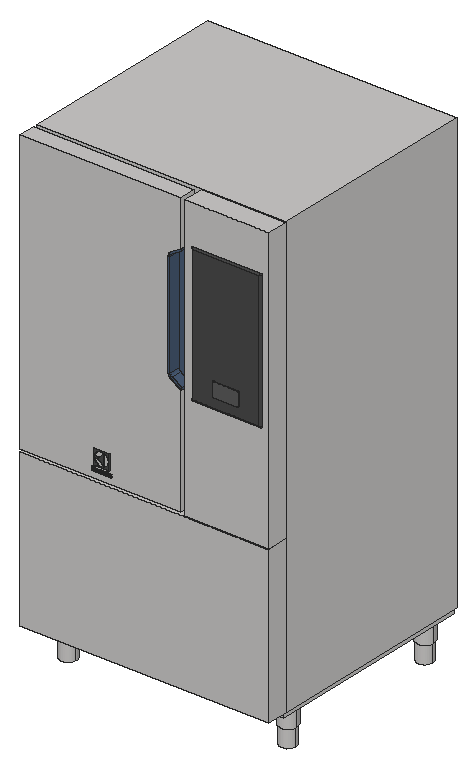
Revit family "QF_ELECTROLUXPROFESSIONAL_727736_EBFA11E", category Specialty Equipment, Revit 2018
Family settings
  Round Connector Dimension = Use Diameter
  Part Type = Normal
  Work Plane-Based = No
  Always vertical = Yes
  Cut with Voids When Loaded = No
  Shared = No
  Room Calculation Point = No
Parameters
  Weight = 0.00 kg
  Watts = 0 W
  Volts = 380 V
  URL Manufacturer = "http://professional.electrolux.com"
  URL = "http://professional.electrolux.com"
  Steam Supply Size = 0 mm
  Steam Supply Minimum Pressure = 0.0 Pa
  Steam Supply Maximum Pressure = 0.0 Pa
  Steam Pounds per Hour = 0
  Show Logo [instance] = yes
  Show Clearance [instance] = yes
  Refrigeration Suction Line Size = 0 mm
  Refrigeration Liquid Line Size = 0 mm
  Refrigerant Compressor Remote = yes
  Manufacturer = "Electrolux"
  Phase = 3
  Model = "EBFA11E"
  Length Actual = 895 mm  # constant formula
  Item Number = "727736"
  Hot Water Size = 0 mm
  Height Actual = 1731 mm  # constant formula
  HP = "5.6 HP"
  Gas Size = 0 mm
  Gas KW = 0
  Gas Input Pressure = 0 W
  Direct Waste Size = 139.7 mm
  Description = "SKYLINE CHILLS BLAST CHILLER FREEZER 50/50KG 10 GN 1/1"
  Depth Actual = 939 mm  # constant formula
  Cycle = 50 Hz
  Condensate Return Size = 0 mm
  Compressed Air Volume = 0.0 L/s
  Compressed Air Size = 0 mm
  Compressed Air Pressure = 0.0 Pa
  Cold Water Size = 0 mm
  Accessory = yes
Reference planes
  plane 1 "Center X": y = 126.351
  plane 2: z = 0
  plane 3 "Center Y": x = -311.5
  plane 4 "LEFT": x = -759
  plane 5 "BACK": y = 547.851
  plane 6 "RIGHT": x = 136
  plane 7 "FRONT": y = -295.149
  plane 8: z = 130
  plane 9 "TOP": z = 1731
  plane 10: x = -707
  plane 11: y = 471.851
  plane 12: x = 84
  plane 13: y = -144.149
  plane 14: y = 639.851
  plane 15: y = -834.149
Forms (mm)
  Extrusion 1, solid, material "QF_Finishes_Stainless Steel"
    sketch origin (0, 0, 1731) x (-1, 0, 0) y (0, -1, 0)
      loop
        line (759, -547.851) -> (759, 219.149) -> (-136, 219.149) -> (-136, -547.851) -> (759, -547.851)
    from 0 to -1581
  Extrusion 2, solid, material "QF_Finishes_Stainless Steel"
    sketch origin (-759, -0.954, 258.709) x (0, 1, 0) y (0, 0, 1)
      loop
        line (548.805, 694.306) -> (548.805, 392.314) -> (633.5, 399.789)
        arc (633.5, 399.789) -> (638.702, 402.354) -> (640.805, 407.759) r 8
        line (640.805, 407.759) -> (640.805, 433.233)
        arc (640.805, 433.233) -> (636.783, 442.547) -> (640.805, 451.86) r 12.795
        line (640.805, 451.86) -> (640.805, 483.24)
        arc (640.805, 483.24) -> (636.783, 492.554) -> (640.805, 501.867) r 12.795
        line (640.805, 501.867) -> (640.805, 533.247)
        arc (640.805, 533.247) -> (636.783, 542.56) -> (640.805, 551.874) r 12.795
        line (640.805, 551.874) -> (640.805, 583.254)
        arc (640.805, 583.254) -> (636.783, 592.567) -> (640.805, 601.881) r 12.795
        line (640.805, 601.881) -> (640.805, 634.796)
        arc (640.805, 634.796) -> (639.466, 639.795) -> (635.808, 643.455) r 10
        line (635.808, 643.455) -> (548.805, 694.306)
    from 618.187 to 801.865
  Extrusion 3, solid, material "QF_Finishes_Stainless Steel"
    sketch origin (-54.727, 547.851, 2066) x (1, 0, 0) y (0, 0, -1)
      loop
        circle (121.727, 1473) r 10.5
    from 0 to 29
  Extrusion 4, solid, material "QF_Finishes_Stainless Steel"
    sketch origin (-1206.916, -1524, 130) x (-1, 0, 0) y (0, -1, 0)
      loop
        line (-447.916, -1228.851) -> (-1342.916, -1228.851) -> (-1342.916, -1303.851) -> (-447.916, -1303.851) -> (-447.916, -1228.851)
    from 580 to 20.02
  Extrusion 5, solid, material "QF_Finishes_Stainless Steel"
    sketch origin (-1206.916, -1524, 130) x (-1, 0, 0) y (0, -1, 0)
      loop
        line (-456.916, -2071.851) -> (-456.916, -1306.851) -> (-1333.916, -1306.851) -> (-1333.916, -2071.851) -> (-456.916, -2071.851)
    from 20 to 0
  Extrusion 6, solid, material "QF_Finishes_Stainless Steel"
    sketch origin (-1206.916, -1524, 130) x (0, -1, 0) y (-1, 0, 0)
      loop
        circle (-1673.851, -847.916) r 9.5
    from 0 to 31.68
  Extrusion 7, void
    sketch origin (1, 0, 1731) x (-1, 0, 0) y (0, -1, 0)
      loop
        line (132.09, -639.851) -> (141.813, -639.851) -> (141.813, -547.851) -> (140.183, -547.851) -> (132.09, -639.851)
      loop
        line (-40.234, -547.851) -> (-41.865, -547.851) -> (-41.865, -639.851) -> (-32.141, -639.851) -> (-40.234, -547.851)
    from -1080 to -770
  Extrusion 8, solid, material "QF_Finishes_Stainless Steel"
    sketch origin (-623, -295.149, 0) x (1, 0, 0) y (0, 0, -1)
      loop
        line (442.2, -1731) -> (442.2, -1568.97) -> (405.947, -1544.888)
        arc (405.947, -1544.888) -> (399.716, -1538.041) -> (397.46, -1529.062) r 19
        line (397.46, -1529.062) -> (397.46, -1154.149)
        arc (397.46, -1154.149) -> (399.839, -1144.688) -> (406.41, -1137.479) r 20
        line (406.41, -1137.479) -> (442.2, -1113.756) -> (442.2, -719.524) -> (-136, -719.524) -> (-136, -1731) -> (442.2, -1731)
    from 0 to 60
  Extrusion 9, solid, material "QF_Finishes_Stainless Steel"
    sketch origin (-623, 0, 1060.038) x (1, 0, 0) y (0, 1, 0)
      loop
        line (759, -295.149) -> (759, -220.149) -> (457, -220.149) -> (457, -295.149) -> (759, -295.149)
    from 670.962 to -349
  Extrusion 10, solid, material "QF_Door-Drawer Clearances", visible <- "Show Clearance", detail levels coarse
    sketch origin (-623, 0, 1060.038) x (1, 0, 0) y (0, 1, 0)
      loop
        line (-82, -295.149) -> (-82, -831.649)
        arc (-82, -831.649) -> (284.195, -665.108) -> (442.2, -295.149) r 556
        line (442.2, -295.149) -> (-82, -295.149)
    from -340.514 to 670.962
  Extrusion 11, solid, material "QF_Finishes_Stainless Steel"
    sketch origin (-632, -235.149, 600.072) x (1, 0, 0) y (0, 0, -1)
      loop
        line (406.46, -554.076) -> (406.46, -928.989)
        arc (406.46, -928.989) -> (408.716, -937.969) -> (414.947, -944.816) r 19
        line (414.947, -944.816) -> (451.2, -968.898) -> (451.2, -513.683) -> (415.41, -537.406)
        arc (415.41, -537.406) -> (408.839, -544.616) -> (406.46, -554.076) r 20
    from -21 to 0
  Extrusion 12, solid, material "QF_Finishes_Electrolux_Blue"
    sketch origin (-632, -295.149, 600.072) x (-1, 0, 0) y (0, 0, -1)
      loop
        line (-451.2, -968.898) -> (-414.947, -944.816)
        arc (-414.947, -944.816) -> (-408.716, -937.969) -> (-406.46, -928.989) r 19
        line (-406.46, -928.989) -> (-406.46, -554.076)
        arc (-406.46, -554.076) -> (-408.839, -544.616) -> (-415.41, -537.406) r 20
        line (-415.41, -537.406) -> (-451.2, -513.683) -> (-453.7, -513.683) -> (-453.7, -519.824) -> (-419.001, -542.824)
        arc (-419.001, -542.824) -> (-414.566, -547.691) -> (-412.96, -554.076) r 13.5
        line (-412.96, -554.076) -> (-412.96, -928.989)
        arc (-412.96, -928.989) -> (-414.444, -934.897) -> (-418.543, -939.401) r 12.5
        line (-418.543, -939.401) -> (-453.7, -962.755) -> (-453.7, -968.898) -> (-451.2, -968.898)
    from -39 to 1
  Extrusion 13, void
    sketch origin (136, -219.149, 1731) x (1, 0, 0) y (0, 0, -1)
      loop
        line (-366.8, 60) -> (-366.8, 962) -> (-834, 962) -> (-834, 60) -> (-366.8, 60)
    from 0 to 705
  Extrusion 14, solid, material "QF_Door-Drawer Clearances", visible <- "Show Clearance", detail levels coarse
    sketch origin (-765, -389.449, 0) x (0, -1, 0) y (0, 0, -1)
      loop
        line (442.2, -1731) -> (442.2, -1568.97) -> (405.947, -1544.888)
        arc (405.947, -1544.888) -> (399.716, -1538.041) -> (397.46, -1529.062) r 19
        line (397.46, -1529.062) -> (397.46, -1154.149)
        arc (397.46, -1154.149) -> (399.839, -1144.688) -> (406.41, -1137.479) r 20
        line (406.41, -1137.479) -> (442.2, -1113.756) -> (442.2, -719.524) -> (-94.3, -719.524) -> (-94.3, -1731) -> (442.2, -1731)
    from 0 to 60
  Extrusion 15, solid, material "QF_Door-Drawer Clearances", visible <- "Show Clearance", detail levels coarse
    sketch origin (-705, -380.449, 600.072) x (0, -1, 0) y (0, 0, -1)
      loop
        line (406.46, -554.076) -> (406.46, -928.989)
        arc (406.46, -928.989) -> (408.716, -937.969) -> (414.947, -944.816) r 19
        line (414.947, -944.816) -> (451.2, -968.898) -> (451.2, -513.683) -> (415.41, -537.406)
        arc (415.41, -537.406) -> (408.839, -544.616) -> (406.46, -554.076) r 20
    from -21 to 0
  Extrusion 16, solid, material "QF_Door-Drawer Clearances", visible <- "Show Clearance", detail levels coarse
    sketch origin (-765, -380.449, 600.072) x (0, 1, 0) y (0, 0, -1)
      loop
        line (-451.2, -968.898) -> (-414.947, -944.816)
        arc (-414.947, -944.816) -> (-408.716, -937.969) -> (-406.46, -928.989) r 19
        line (-406.46, -928.989) -> (-406.46, -554.076)
        arc (-406.46, -554.076) -> (-408.839, -544.616) -> (-415.41, -537.406) r 20
        line (-415.41, -537.406) -> (-451.2, -513.683) -> (-453.7, -513.683) -> (-453.7, -519.824) -> (-419.001, -542.824)
        arc (-419.001, -542.824) -> (-414.566, -547.691) -> (-412.96, -554.076) r 13.5
        line (-412.96, -554.076) -> (-412.96, -928.989)
        arc (-412.96, -928.989) -> (-414.444, -934.897) -> (-418.543, -939.401) r 12.5
        line (-418.543, -939.401) -> (-453.7, -962.755) -> (-453.7, -968.898) -> (-451.2, -968.898)
    from -39 to 1
Cuts and joins
  Extrusion 13 cuts Extrusion 1
  Extrusion 7, Extrusion 13 cuts Extrusion 2
  Extrusion 13 cuts Extrusion 3
  Extrusion 13 cuts Extrusion 5
  Extrusion 13 cuts Extrusion 6
  joined: Extrusion 1, Extrusion 2, Extrusion 3, Extrusion 5, Extrusion 6
  joined: Extrusion 10, Extrusion 14, Extrusion 15, Extrusion 16
Lines and regions (mm)
  Split face 1
    outline origin (594.146, -295.149, -365.12) x (-1, 0, 0) y (0, 0, -1)
      loop
        line (490.638, -548.639) -> (600.654, -548.639) -> (600.654, -543.665) -> (490.638, -543.665) -> (490.638, -548.639)
  Split face 2
    outline origin (594.146, -295.149, -355.62) x (-1, 0, 0) y (0, 0, -1)
      loop
        line (490.638, -548.639) -> (600.654, -548.639) -> (600.654, -543.665) -> (490.638, -543.665) -> (490.638, -548.639)
  Split face 3
    outline origin (594.146, -295.149, -346.12) x (-1, 0, 0) y (0, 0, -1)
      loop
        line (490.638, -548.639) -> (600.654, -548.639) -> (600.654, -543.665) -> (490.638, -543.665) -> (490.638, -548.639)
  Split face 4
    outline origin (594.146, -295.149, -336.62) x (-1, 0, 0) y (0, 0, -1)
      loop
        line (490.638, -548.639) -> (600.654, -548.639) -> (600.654, -543.665) -> (490.638, -543.665) -> (490.638, -548.639)
  Split face 5
    outline origin (594.146, -295.149, -327.12) x (-1, 0, 0) y (0, 0, -1)
      loop
        line (490.638, -548.639) -> (600.654, -548.639) -> (600.654, -543.665) -> (490.638, -543.665) -> (490.638, -548.639)
  Split face 6
    outline origin (594.146, -295.149, -317.619) x (-1, 0, 0) y (0, 0, -1)
      loop
        line (490.638, -548.639) -> (600.654, -548.639) -> (600.654, -543.665) -> (490.638, -543.665) -> (490.638, -548.639)
  Split face 7
    outline origin (594.146, -295.149, -308.119) x (-1, 0, 0) y (0, 0, -1)
      loop
        line (490.638, -548.639) -> (600.654, -548.639) -> (600.654, -543.665) -> (490.638, -543.665) -> (490.638, -548.639)
  Split face 8
    outline origin (594.146, -295.149, -298.619) x (-1, 0, 0) y (0, 0, -1)
      loop
        line (490.638, -548.639) -> (600.654, -548.639) -> (600.654, -543.665) -> (490.638, -543.665) -> (490.638, -548.639)
  Split face 9
    outline origin (594.146, -295.149, -289.119) x (-1, 0, 0) y (0, 0, -1)
      loop
        line (490.638, -548.639) -> (600.654, -548.639) -> (600.654, -543.665) -> (490.638, -543.665) -> (490.638, -548.639)
  Split face 10
    outline origin (594.146, -295.149, -279.619) x (-1, 0, 0) y (0, 0, -1)
      loop
        line (490.638, -548.639) -> (600.654, -548.639) -> (600.654, -543.665) -> (490.638, -543.665) -> (490.638, -548.639)
  Split face 11
    outline origin (594.146, -295.149, -270.119) x (-1, 0, 0) y (0, 0, -1)
      loop
        line (490.638, -548.639) -> (600.654, -548.639) -> (600.654, -543.665) -> (490.638, -543.665) -> (490.638, -548.639)
  Split face 12
    outline origin (594.146, -295.149, -260.619) x (-1, 0, 0) y (0, 0, -1)
      loop
        line (490.638, -548.639) -> (600.654, -548.639) -> (600.654, -543.665) -> (490.638, -543.665) -> (490.638, -548.639)
  Split face 13
    outline origin (594.146, -295.149, -251.119) x (-1, 0, 0) y (0, 0, -1)
      loop
        line (490.638, -548.639) -> (600.654, -548.639) -> (600.654, -543.665) -> (490.638, -543.665) -> (490.638, -548.639)
  Split face 14
    outline origin (594.146, -295.149, -241.619) x (-1, 0, 0) y (0, 0, -1)
      loop
        line (490.638, -548.639) -> (600.654, -548.639) -> (600.654, -543.665) -> (490.638, -543.665) -> (490.638, -548.639)
  Split face 15
    outline origin (594.146, -295.149, -232.119) x (-1, 0, 0) y (0, 0, -1)
      loop
        line (490.638, -548.639) -> (600.654, -548.639) -> (600.654, -543.665) -> (490.638, -543.665) -> (490.638, -548.639)
  Split face 16
    outline origin (594.146, -295.149, -222.619) x (-1, 0, 0) y (0, 0, -1)
      loop
        line (490.638, -548.639) -> (600.654, -548.639) -> (600.654, -543.665) -> (490.638, -543.665) -> (490.638, -548.639)
  Split face 17
    outline origin (594.146, -295.149, -213.119) x (-1, 0, 0) y (0, 0, -1)
      loop
        line (490.638, -548.639) -> (600.654, -548.639) -> (600.654, -543.665) -> (490.638, -543.665) -> (490.638, -548.639)
  Split face 18
    outline origin (594.146, -295.149, -203.619) x (-1, 0, 0) y (0, 0, -1)
      loop
        line (490.638, -548.639) -> (600.654, -548.639) -> (600.654, -543.665) -> (490.638, -543.665) -> (490.638, -548.639)
  Split face 19
    outline origin (594.146, -295.149, -194.118) x (-1, 0, 0) y (0, 0, -1)
      loop
        line (490.638, -548.639) -> (600.654, -548.639) -> (600.654, -543.665) -> (490.638, -543.665) -> (490.638, -548.639)
  Split face 20
    outline origin (594.146, -295.149, -184.618) x (-1, 0, 0) y (0, 0, -1)
      loop
        line (490.638, -548.639) -> (600.654, -548.639) -> (600.654, -543.665) -> (490.638, -543.665) -> (490.638, -548.639)
  Split face 21
    outline origin (594.146, -295.149, -175.118) x (-1, 0, 0) y (0, 0, -1)
      loop
        line (490.638, -548.639) -> (600.654, -548.639) -> (600.654, -543.665) -> (490.638, -543.665) -> (490.638, -548.639)
  Split face 22
    outline origin (594.146, -295.149, -165.618) x (-1, 0, 0) y (0, 0, -1)
      loop
        line (490.638, -548.639) -> (600.654, -548.639) -> (600.654, -543.665) -> (490.638, -543.665) -> (490.638, -548.639)
  Split face 23
    outline origin (594.146, -295.149, -156.118) x (-1, 0, 0) y (0, 0, -1)
      loop
        line (490.638, -548.639) -> (600.654, -548.639) -> (600.654, -543.665) -> (490.638, -543.665) -> (490.638, -548.639)
  Split face 24
    outline origin (594.146, -295.149, -146.618) x (-1, 0, 0) y (0, 0, -1)
      loop
        line (490.638, -548.639) -> (600.654, -548.639) -> (600.654, -543.665) -> (490.638, -543.665) -> (490.638, -548.639)
  Split face 25
    outline origin (594.146, -295.149, -137.118) x (-1, 0, 0) y (0, 0, -1)
      loop
        line (490.638, -548.639) -> (600.654, -548.639) -> (600.654, -543.665) -> (490.638, -543.665) -> (490.638, -548.639)
  Split face 26
    outline origin (594.146, -295.149, -127.618) x (-1, 0, 0) y (0, 0, -1)
      loop
        line (490.638, -548.639) -> (600.654, -548.639) -> (600.654, -543.665) -> (490.638, -543.665) -> (490.638, -548.639)
  Split face 27
    outline origin (594.146, -295.149, -118.118) x (-1, 0, 0) y (0, 0, -1)
      loop
        line (490.638, -548.639) -> (600.654, -548.639) -> (600.654, -543.665) -> (490.638, -543.665) -> (490.638, -548.639)
  Split face 28
    outline origin (594.146, -295.149, -108.618) x (-1, 0, 0) y (0, 0, -1)
      loop
        line (490.638, -548.639) -> (600.654, -548.639) -> (600.654, -543.665) -> (490.638, -543.665) -> (490.638, -548.639)
  Split face 29
    outline origin (594.146, -295.149, -99.118) x (-1, 0, 0) y (0, 0, -1)
      loop
        line (490.638, -548.639) -> (600.654, -548.639) -> (600.654, -543.665) -> (490.638, -543.665) -> (490.638, -548.639)
  Split face 30
    outline origin (594.146, -295.149, -89.618) x (-1, 0, 0) y (0, 0, -1)
      loop
        line (490.638, -548.639) -> (600.654, -548.639) -> (600.654, -543.665) -> (490.638, -543.665) -> (490.638, -548.639)
  Split face 31
    outline origin (594.146, -295.149, -80.117) x (-1, 0, 0) y (0, 0, -1)
      loop
        line (490.638, -548.639) -> (600.654, -548.639) -> (600.654, -543.665) -> (490.638, -543.665) -> (490.638, -548.639)
  Split face 32
    outline origin (594.146, -295.149, -70.617) x (-1, 0, 0) y (0, 0, -1)
      loop
        line (490.638, -548.639) -> (600.654, -548.639) -> (600.654, -543.665) -> (490.638, -543.665) -> (490.638, -548.639)
  Split face 33
    outline origin (594.146, -295.149, -61.117) x (-1, 0, 0) y (0, 0, -1)
      loop
        line (490.638, -548.639) -> (600.654, -548.639) -> (600.654, -543.665) -> (490.638, -543.665) -> (490.638, -548.639)
  Split face 34
    outline origin (594.146, -295.149, -51.617) x (-1, 0, 0) y (0, 0, -1)
      loop
        line (490.638, -548.639) -> (600.654, -548.639) -> (600.654, -543.665) -> (490.638, -543.665) -> (490.638, -548.639)
  Split face 35
    outline origin (594.146, -295.149, -42.117) x (-1, 0, 0) y (0, 0, -1)
      loop
        line (490.638, -548.639) -> (600.654, -548.639) -> (600.654, -543.665) -> (490.638, -543.665) -> (490.638, -548.639)
  Split face 36
    outline origin (594.146, -295.149, -32.617) x (-1, 0, 0) y (0, 0, -1)
      loop
        line (490.638, -548.639) -> (600.654, -548.639) -> (600.654, -543.665) -> (490.638, -543.665) -> (490.638, -548.639)
  Split face 37
    outline origin (594.146, -295.149, -23.117) x (-1, 0, 0) y (0, 0, -1)
      loop
        line (490.638, -548.639) -> (600.654, -548.639) -> (600.654, -543.665) -> (490.638, -543.665) -> (490.638, -548.639)
  Split face 38
    outline origin (594.146, -295.149, -13.617) x (-1, 0, 0) y (0, 0, -1)
      loop
        line (490.638, -548.639) -> (600.654, -548.639) -> (600.654, -543.665) -> (490.638, -543.665) -> (490.638, -548.639)
  Split face 39
    outline origin (594.146, -295.149, -4.117) x (-1, 0, 0) y (0, 0, -1)
      loop
        line (490.638, -548.639) -> (600.654, -548.639) -> (600.654, -543.665) -> (490.638, -543.665) -> (490.638, -548.639)
  Split face 40
    outline origin (594.146, -295.149, 5.383) x (-1, 0, 0) y (0, 0, -1)
      loop
        line (490.638, -548.639) -> (600.654, -548.639) -> (600.654, -543.665) -> (490.638, -543.665) -> (490.638, -548.639)
  Split face 41
    outline origin (594.146, -295.149, 14.883) x (-1, 0, 0) y (0, 0, -1)
      loop
        line (490.638, -548.639) -> (600.654, -548.639) -> (600.654, -543.665) -> (490.638, -543.665) -> (490.638, -548.639)
  Split face 42
    outline origin (474.155, -295.149, -365.12) x (-1, 0, 0) y (0, 0, -1)
      loop
        line (490.638, -548.639) -> (600.654, -548.639) -> (600.654, -543.665) -> (490.638, -543.665) -> (490.638, -548.639)
  Split face 43
    outline origin (474.155, -295.149, -355.62) x (-1, 0, 0) y (0, 0, -1)
      loop
        line (490.638, -548.639) -> (600.654, -548.639) -> (600.654, -543.665) -> (490.638, -543.665) -> (490.638, -548.639)
  Split face 44
    outline origin (474.155, -295.149, -346.12) x (-1, 0, 0) y (0, 0, -1)
      loop
        line (490.638, -548.639) -> (600.654, -548.639) -> (600.654, -543.665) -> (490.638, -543.665) -> (490.638, -548.639)
  Split face 45
    outline origin (474.155, -295.149, -336.62) x (-1, 0, 0) y (0, 0, -1)
      loop
        line (490.638, -548.639) -> (600.654, -548.639) -> (600.654, -543.665) -> (490.638, -543.665) -> (490.638, -548.639)
  Split face 46
    outline origin (474.155, -295.149, -327.12) x (-1, 0, 0) y (0, 0, -1)
      loop
        line (490.638, -548.639) -> (600.654, -548.639) -> (600.654, -543.665) -> (490.638, -543.665) -> (490.638, -548.639)
  Split face 47
    outline origin (474.155, -295.149, -317.619) x (-1, 0, 0) y (0, 0, -1)
      loop
        line (490.638, -548.639) -> (600.654, -548.639) -> (600.654, -543.665) -> (490.638, -543.665) -> (490.638, -548.639)
  Split face 48
    outline origin (474.155, -295.149, -308.119) x (-1, 0, 0) y (0, 0, -1)
      loop
        line (490.638, -548.639) -> (600.654, -548.639) -> (600.654, -543.665) -> (490.638, -543.665) -> (490.638, -548.639)
  Split face 49
    outline origin (474.155, -295.149, -298.619) x (-1, 0, 0) y (0, 0, -1)
      loop
        line (490.638, -548.639) -> (600.654, -548.639) -> (600.654, -543.665) -> (490.638, -543.665) -> (490.638, -548.639)
  Split face 50
    outline origin (474.155, -295.149, -289.119) x (-1, 0, 0) y (0, 0, -1)
      loop
        line (490.638, -548.639) -> (600.654, -548.639) -> (600.654, -543.665) -> (490.638, -543.665) -> (490.638, -548.639)
  Split face 51
    outline origin (474.155, -295.149, -279.619) x (-1, 0, 0) y (0, 0, -1)
      loop
        line (490.638, -548.639) -> (600.654, -548.639) -> (600.654, -543.665) -> (490.638, -543.665) -> (490.638, -548.639)
  Split face 52
    outline origin (474.155, -295.149, -270.119) x (-1, 0, 0) y (0, 0, -1)
      loop
        line (490.638, -548.639) -> (600.654, -548.639) -> (600.654, -543.665) -> (490.638, -543.665) -> (490.638, -548.639)
  Split face 53
    outline origin (474.155, -295.149, -260.619) x (-1, 0, 0) y (0, 0, -1)
      loop
        line (490.638, -548.639) -> (600.654, -548.639) -> (600.654, -543.665) -> (490.638, -543.665) -> (490.638, -548.639)
  Split face 54
    outline origin (474.155, -295.149, -251.119) x (-1, 0, 0) y (0, 0, -1)
      loop
        line (490.638, -548.639) -> (600.654, -548.639) -> (600.654, -543.665) -> (490.638, -543.665) -> (490.638, -548.639)
  Split face 55
    outline origin (474.155, -295.149, -241.619) x (-1, 0, 0) y (0, 0, -1)
      loop
        line (490.638, -548.639) -> (600.654, -548.639) -> (600.654, -543.665) -> (490.638, -543.665) -> (490.638, -548.639)
  Split face 56
    outline origin (474.155, -295.149, -232.119) x (-1, 0, 0) y (0, 0, -1)
      loop
        line (490.638, -548.639) -> (600.654, -548.639) -> (600.654, -543.665) -> (490.638, -543.665) -> (490.638, -548.639)
  Split face 57
    outline origin (474.155, -295.149, -222.619) x (-1, 0, 0) y (0, 0, -1)
      loop
        line (490.638, -548.639) -> (600.654, -548.639) -> (600.654, -543.665) -> (490.638, -543.665) -> (490.638, -548.639)
  Split face 58
    outline origin (474.155, -295.149, -213.119) x (-1, 0, 0) y (0, 0, -1)
      loop
        line (490.638, -548.639) -> (600.654, -548.639) -> (600.654, -543.665) -> (490.638, -543.665) -> (490.638, -548.639)
  Split face 59
    outline origin (474.155, -295.149, -203.619) x (-1, 0, 0) y (0, 0, -1)
      loop
        line (490.638, -548.639) -> (600.654, -548.639) -> (600.654, -543.665) -> (490.638, -543.665) -> (490.638, -548.639)
  Split face 60
    outline origin (474.155, -295.149, -194.118) x (-1, 0, 0) y (0, 0, -1)
      loop
        line (490.638, -548.639) -> (600.654, -548.639) -> (600.654, -543.665) -> (490.638, -543.665) -> (490.638, -548.639)
  Split face 61
    outline origin (474.155, -295.149, -184.618) x (-1, 0, 0) y (0, 0, -1)
      loop
        line (490.638, -548.639) -> (600.654, -548.639) -> (600.654, -543.665) -> (490.638, -543.665) -> (490.638, -548.639)
  Split face 62
    outline origin (474.155, -295.149, -175.118) x (-1, 0, 0) y (0, 0, -1)
      loop
        line (490.638, -548.639) -> (600.654, -548.639) -> (600.654, -543.665) -> (490.638, -543.665) -> (490.638, -548.639)
  Split face 63
    outline origin (474.155, -295.149, -165.618) x (-1, 0, 0) y (0, 0, -1)
      loop
        line (490.638, -548.639) -> (600.654, -548.639) -> (600.654, -543.665) -> (490.638, -543.665) -> (490.638, -548.639)
  Split face 64
    outline origin (474.155, -295.149, -156.118) x (-1, 0, 0) y (0, 0, -1)
      loop
        line (490.638, -548.639) -> (600.654, -548.639) -> (600.654, -543.665) -> (490.638, -543.665) -> (490.638, -548.639)
  Split face 65
    outline origin (474.155, -295.149, -146.618) x (-1, 0, 0) y (0, 0, -1)
      loop
        line (490.638, -548.639) -> (600.654, -548.639) -> (600.654, -543.665) -> (490.638, -543.665) -> (490.638, -548.639)
  Split face 66
    outline origin (474.155, -295.149, -137.118) x (-1, 0, 0) y (0, 0, -1)
      loop
        line (490.638, -548.639) -> (600.654, -548.639) -> (600.654, -543.665) -> (490.638, -543.665) -> (490.638, -548.639)
  Split face 67
    outline origin (474.155, -295.149, -127.618) x (-1, 0, 0) y (0, 0, -1)
      loop
        line (490.638, -548.639) -> (600.654, -548.639) -> (600.654, -543.665) -> (490.638, -543.665) -> (490.638, -548.639)
  Split face 68
    outline origin (474.155, -295.149, -118.118) x (-1, 0, 0) y (0, 0, -1)
      loop
        line (490.638, -548.639) -> (600.654, -548.639) -> (600.654, -543.665) -> (490.638, -543.665) -> (490.638, -548.639)
  Split face 69
    outline origin (474.155, -295.149, -108.618) x (-1, 0, 0) y (0, 0, -1)
      loop
        line (490.638, -548.639) -> (600.654, -548.639) -> (600.654, -543.665) -> (490.638, -543.665) -> (490.638, -548.639)
  Split face 70
    outline origin (474.155, -295.149, -99.118) x (-1, 0, 0) y (0, 0, -1)
      loop
        line (490.638, -548.639) -> (600.654, -548.639) -> (600.654, -543.665) -> (490.638, -543.665) -> (490.638, -548.639)
  Split face 71
    outline origin (474.155, -295.149, -89.618) x (-1, 0, 0) y (0, 0, -1)
      loop
        line (490.638, -548.639) -> (600.654, -548.639) -> (600.654, -543.665) -> (490.638, -543.665) -> (490.638, -548.639)
  Split face 72
    outline origin (474.155, -295.149, -80.117) x (-1, 0, 0) y (0, 0, -1)
      loop
        line (490.638, -548.639) -> (600.654, -548.639) -> (600.654, -543.665) -> (490.638, -543.665) -> (490.638, -548.639)
  Split face 73
    outline origin (474.155, -295.149, -70.617) x (-1, 0, 0) y (0, 0, -1)
      loop
        line (490.638, -548.639) -> (600.654, -548.639) -> (600.654, -543.665) -> (490.638, -543.665) -> (490.638, -548.639)
  Split face 74
    outline origin (474.155, -295.149, -61.117) x (-1, 0, 0) y (0, 0, -1)
      loop
        line (490.638, -548.639) -> (600.654, -548.639) -> (600.654, -543.665) -> (490.638, -543.665) -> (490.638, -548.639)
  Split face 75
    outline origin (474.155, -295.149, -51.617) x (-1, 0, 0) y (0, 0, -1)
      loop
        line (490.638, -548.639) -> (600.654, -548.639) -> (600.654, -543.665) -> (490.638, -543.665) -> (490.638, -548.639)
  Split face 76
    outline origin (474.155, -295.149, -42.117) x (-1, 0, 0) y (0, 0, -1)
      loop
        line (490.638, -548.639) -> (600.654, -548.639) -> (600.654, -543.665) -> (490.638, -543.665) -> (490.638, -548.639)
  Split face 77
    outline origin (474.155, -295.149, -32.617) x (-1, 0, 0) y (0, 0, -1)
      loop
        line (490.638, -548.639) -> (600.654, -548.639) -> (600.654, -543.665) -> (490.638, -543.665) -> (490.638, -548.639)
  Split face 78
    outline origin (474.155, -295.149, -23.117) x (-1, 0, 0) y (0, 0, -1)
      loop
        line (490.638, -548.639) -> (600.654, -548.639) -> (600.654, -543.665) -> (490.638, -543.665) -> (490.638, -548.639)
  Split face 79
    outline origin (474.155, -295.149, -13.617) x (-1, 0, 0) y (0, 0, -1)
      loop
        line (490.638, -548.639) -> (600.654, -548.639) -> (600.654, -543.665) -> (490.638, -543.665) -> (490.638, -548.639)
  Split face 80
    outline origin (474.155, -295.149, -4.117) x (-1, 0, 0) y (0, 0, -1)
      loop
        line (490.638, -548.639) -> (600.654, -548.639) -> (600.654, -543.665) -> (490.638, -543.665) -> (490.638, -548.639)
  Split face 81
    outline origin (474.155, -295.149, 5.383) x (-1, 0, 0) y (0, 0, -1)
      loop
        line (490.638, -548.639) -> (600.654, -548.639) -> (600.654, -543.665) -> (490.638, -543.665) -> (490.638, -548.639)
  Split face 82
    outline origin (474.155, -295.149, 14.883) x (-1, 0, 0) y (0, 0, -1)
      loop
        line (490.638, -548.639) -> (600.654, -548.639) -> (600.654, -543.665) -> (490.638, -543.665) -> (490.638, -548.639)
  Split face 83
    outline origin (354.164, -295.149, -365.12) x (-1, 0, 0) y (0, 0, -1)
      loop
        line (490.638, -548.639) -> (600.654, -548.639) -> (600.654, -543.665) -> (490.638, -543.665) -> (490.638, -548.639)
  Split face 84
    outline origin (354.164, -295.149, -355.62) x (-1, 0, 0) y (0, 0, -1)
      loop
        line (490.638, -548.639) -> (600.654, -548.639) -> (600.654, -543.665) -> (490.638, -543.665) -> (490.638, -548.639)
  Split face 85
    outline origin (354.164, -295.149, -346.12) x (-1, 0, 0) y (0, 0, -1)
      loop
        line (490.638, -548.639) -> (600.654, -548.639) -> (600.654, -543.665) -> (490.638, -543.665) -> (490.638, -548.639)
  Split face 86
    outline origin (354.164, -295.149, -336.62) x (-1, 0, 0) y (0, 0, -1)
      loop
        line (490.638, -548.639) -> (600.654, -548.639) -> (600.654, -543.665) -> (490.638, -543.665) -> (490.638, -548.639)
  Split face 87
    outline origin (354.164, -295.149, -327.12) x (-1, 0, 0) y (0, 0, -1)
      loop
        line (490.638, -548.639) -> (600.654, -548.639) -> (600.654, -543.665) -> (490.638, -543.665) -> (490.638, -548.639)
  Split face 88
    outline origin (354.164, -295.149, -317.619) x (-1, 0, 0) y (0, 0, -1)
      loop
        line (490.638, -548.639) -> (600.654, -548.639) -> (600.654, -543.665) -> (490.638, -543.665) -> (490.638, -548.639)
  Split face 89
    outline origin (354.164, -295.149, -308.119) x (-1, 0, 0) y (0, 0, -1)
      loop
        line (490.638, -548.639) -> (600.654, -548.639) -> (600.654, -543.665) -> (490.638, -543.665) -> (490.638, -548.639)
  Split face 90
    outline origin (354.164, -295.149, -298.619) x (-1, 0, 0) y (0, 0, -1)
      loop
        line (490.638, -548.639) -> (600.654, -548.639) -> (600.654, -543.665) -> (490.638, -543.665) -> (490.638, -548.639)
  Split face 91
    outline origin (354.164, -295.149, -289.119) x (-1, 0, 0) y (0, 0, -1)
      loop
        line (490.638, -548.639) -> (600.654, -548.639) -> (600.654, -543.665) -> (490.638, -543.665) -> (490.638, -548.639)
  Split face 92
    outline origin (354.164, -295.149, -279.619) x (-1, 0, 0) y (0, 0, -1)
      loop
        line (490.638, -548.639) -> (600.654, -548.639) -> (600.654, -543.665) -> (490.638, -543.665) -> (490.638, -548.639)
  Split face 93
    outline origin (354.164, -295.149, -270.119) x (-1, 0, 0) y (0, 0, -1)
      loop
        line (490.638, -548.639) -> (600.654, -548.639) -> (600.654, -543.665) -> (490.638, -543.665) -> (490.638, -548.639)
  Split face 94
    outline origin (354.164, -295.149, -260.619) x (-1, 0, 0) y (0, 0, -1)
      loop
        line (490.638, -548.639) -> (600.654, -548.639) -> (600.654, -543.665) -> (490.638, -543.665) -> (490.638, -548.639)
  Split face 95
    outline origin (354.164, -295.149, -251.119) x (-1, 0, 0) y (0, 0, -1)
      loop
        line (490.638, -548.639) -> (600.654, -548.639) -> (600.654, -543.665) -> (490.638, -543.665) -> (490.638, -548.639)
  Split face 96
    outline origin (354.164, -295.149, -241.619) x (-1, 0, 0) y (0, 0, -1)
      loop
        line (490.638, -548.639) -> (600.654, -548.639) -> (600.654, -543.665) -> (490.638, -543.665) -> (490.638, -548.639)
  Split face 97
    outline origin (354.164, -295.149, -232.119) x (-1, 0, 0) y (0, 0, -1)
      loop
        line (490.638, -548.639) -> (600.654, -548.639) -> (600.654, -543.665) -> (490.638, -543.665) -> (490.638, -548.639)
  Split face 98
    outline origin (354.164, -295.149, -222.619) x (-1, 0, 0) y (0, 0, -1)
      loop
        line (490.638, -548.639) -> (600.654, -548.639) -> (600.654, -543.665) -> (490.638, -543.665) -> (490.638, -548.639)
  Split face 99
    outline origin (354.164, -295.149, -213.119) x (-1, 0, 0) y (0, 0, -1)
      loop
        line (490.638, -548.639) -> (600.654, -548.639) -> (600.654, -543.665) -> (490.638, -543.665) -> (490.638, -548.639)
  Split face 100
    outline origin (354.164, -295.149, -203.619) x (-1, 0, 0) y (0, 0, -1)
      loop
        line (490.638, -548.639) -> (600.654, -548.639) -> (600.654, -543.665) -> (490.638, -543.665) -> (490.638, -548.639)
  Split face 101
    outline origin (354.164, -295.149, -194.118) x (-1, 0, 0) y (0, 0, -1)
      loop
        line (490.638, -548.639) -> (600.654, -548.639) -> (600.654, -543.665) -> (490.638, -543.665) -> (490.638, -548.639)
  Split face 102
    outline origin (354.164, -295.149, -184.618) x (-1, 0, 0) y (0, 0, -1)
      loop
        line (490.638, -548.639) -> (600.654, -548.639) -> (600.654, -543.665) -> (490.638, -543.665) -> (490.638, -548.639)
  Split face 103
    outline origin (354.164, -295.149, -175.118) x (-1, 0, 0) y (0, 0, -1)
      loop
        line (490.638, -548.639) -> (600.654, -548.639) -> (600.654, -543.665) -> (490.638, -543.665) -> (490.638, -548.639)
  Split face 104
    outline origin (354.164, -295.149, -165.618) x (-1, 0, 0) y (0, 0, -1)
      loop
        line (490.638, -548.639) -> (600.654, -548.639) -> (600.654, -543.665) -> (490.638, -543.665) -> (490.638, -548.639)
  Split face 105
    outline origin (354.164, -295.149, -156.118) x (-1, 0, 0) y (0, 0, -1)
      loop
        line (490.638, -548.639) -> (600.654, -548.639) -> (600.654, -543.665) -> (490.638, -543.665) -> (490.638, -548.639)
  Split face 106
    outline origin (354.164, -295.149, -146.618) x (-1, 0, 0) y (0, 0, -1)
      loop
        line (490.638, -548.639) -> (600.654, -548.639) -> (600.654, -543.665) -> (490.638, -543.665) -> (490.638, -548.639)
  Split face 107
    outline origin (354.164, -295.149, -137.118) x (-1, 0, 0) y (0, 0, -1)
      loop
        line (490.638, -548.639) -> (600.654, -548.639) -> (600.654, -543.665) -> (490.638, -543.665) -> (490.638, -548.639)
  Split face 108
    outline origin (354.164, -295.149, -127.618) x (-1, 0, 0) y (0, 0, -1)
      loop
        line (490.638, -548.639) -> (600.654, -548.639) -> (600.654, -543.665) -> (490.638, -543.665) -> (490.638, -548.639)
  Split face 109
    outline origin (354.164, -295.149, -118.118) x (-1, 0, 0) y (0, 0, -1)
      loop
        line (490.638, -548.639) -> (600.654, -548.639) -> (600.654, -543.665) -> (490.638, -543.665) -> (490.638, -548.639)
  Split face 110
    outline origin (354.164, -295.149, -108.618) x (-1, 0, 0) y (0, 0, -1)
      loop
        line (490.638, -548.639) -> (600.654, -548.639) -> (600.654, -543.665) -> (490.638, -543.665) -> (490.638, -548.639)
  Split face 111
    outline origin (354.164, -295.149, -99.118) x (-1, 0, 0) y (0, 0, -1)
      loop
        line (490.638, -548.639) -> (600.654, -548.639) -> (600.654, -543.665) -> (490.638, -543.665) -> (490.638, -548.639)
  Split face 112
    outline origin (354.164, -295.149, -89.618) x (-1, 0, 0) y (0, 0, -1)
      loop
        line (490.638, -548.639) -> (600.654, -548.639) -> (600.654, -543.665) -> (490.638, -543.665) -> (490.638, -548.639)
  Split face 113
    outline origin (354.164, -295.149, -80.117) x (-1, 0, 0) y (0, 0, -1)
      loop
        line (490.638, -548.639) -> (600.654, -548.639) -> (600.654, -543.665) -> (490.638, -543.665) -> (490.638, -548.639)
  Split face 114
    outline origin (354.164, -295.149, -70.617) x (-1, 0, 0) y (0, 0, -1)
      loop
        line (490.638, -548.639) -> (600.654, -548.639) -> (600.654, -543.665) -> (490.638, -543.665) -> (490.638, -548.639)
  Split face 115
    outline origin (354.164, -295.149, -61.117) x (-1, 0, 0) y (0, 0, -1)
      loop
        line (490.638, -548.639) -> (600.654, -548.639) -> (600.654, -543.665) -> (490.638, -543.665) -> (490.638, -548.639)
  Split face 116
    outline origin (354.164, -295.149, -51.617) x (-1, 0, 0) y (0, 0, -1)
      loop
        line (490.638, -548.639) -> (600.654, -548.639) -> (600.654, -543.665) -> (490.638, -543.665) -> (490.638, -548.639)
  Split face 117
    outline origin (354.164, -295.149, -42.117) x (-1, 0, 0) y (0, 0, -1)
      loop
        line (490.638, -548.639) -> (600.654, -548.639) -> (600.654, -543.665) -> (490.638, -543.665) -> (490.638, -548.639)
  Split face 118
    outline origin (354.164, -295.149, -32.617) x (-1, 0, 0) y (0, 0, -1)
      loop
        line (490.638, -548.639) -> (600.654, -548.639) -> (600.654, -543.665) -> (490.638, -543.665) -> (490.638, -548.639)
  Split face 119
    outline origin (354.164, -295.149, -23.117) x (-1, 0, 0) y (0, 0, -1)
      loop
        line (490.638, -548.639) -> (600.654, -548.639) -> (600.654, -543.665) -> (490.638, -543.665) -> (490.638, -548.639)
  Split face 120
    outline origin (354.164, -295.149, -13.617) x (-1, 0, 0) y (0, 0, -1)
      loop
        line (490.638, -548.639) -> (600.654, -548.639) -> (600.654, -543.665) -> (490.638, -543.665) -> (490.638, -548.639)
  Split face 121
    outline origin (354.164, -295.149, -4.117) x (-1, 0, 0) y (0, 0, -1)
      loop
        line (490.638, -548.639) -> (600.654, -548.639) -> (600.654, -543.665) -> (490.638, -543.665) -> (490.638, -548.639)
  Split face 122
    outline origin (354.164, -295.149, 5.383) x (-1, 0, 0) y (0, 0, -1)
      loop
        line (490.638, -548.639) -> (600.654, -548.639) -> (600.654, -543.665) -> (490.638, -543.665) -> (490.638, -548.639)
  Split face 123
    outline origin (354.164, -295.149, 14.883) x (-1, 0, 0) y (0, 0, -1)
      loop
        line (490.638, -548.639) -> (600.654, -548.639) -> (600.654, -543.665) -> (490.638, -543.665) -> (490.638, -548.639)
  Split face 124
    outline origin (234.172, -295.149, -365.12) x (-1, 0, 0) y (0, 0, -1)
      loop
        line (490.638, -548.639) -> (600.654, -548.639) -> (600.654, -543.665) -> (490.638, -543.665) -> (490.638, -548.639)
  Split face 125
    outline origin (234.172, -295.149, -355.62) x (-1, 0, 0) y (0, 0, -1)
      loop
        line (490.638, -548.639) -> (600.654, -548.639) -> (600.654, -543.665) -> (490.638, -543.665) -> (490.638, -548.639)
  Split face 126
    outline origin (234.172, -295.149, -346.12) x (-1, 0, 0) y (0, 0, -1)
      loop
        line (490.638, -548.639) -> (600.654, -548.639) -> (600.654, -543.665) -> (490.638, -543.665) -> (490.638, -548.639)
  Split face 127
    outline origin (234.172, -295.149, -336.62) x (-1, 0, 0) y (0, 0, -1)
      loop
        line (490.638, -548.639) -> (600.654, -548.639) -> (600.654, -543.665) -> (490.638, -543.665) -> (490.638, -548.639)
  Split face 128
    outline origin (234.172, -295.149, -327.12) x (-1, 0, 0) y (0, 0, -1)
      loop
        line (490.638, -548.639) -> (600.654, -548.639) -> (600.654, -543.665) -> (490.638, -543.665) -> (490.638, -548.639)
  Split face 129
    outline origin (234.172, -295.149, -317.619) x (-1, 0, 0) y (0, 0, -1)
      loop
        line (490.638, -548.639) -> (600.654, -548.639) -> (600.654, -543.665) -> (490.638, -543.665) -> (490.638, -548.639)
  Split face 130
    outline origin (234.172, -295.149, -308.119) x (-1, 0, 0) y (0, 0, -1)
      loop
        line (490.638, -548.639) -> (600.654, -548.639) -> (600.654, -543.665) -> (490.638, -543.665) -> (490.638, -548.639)
  Split face 131
    outline origin (234.172, -295.149, -298.619) x (-1, 0, 0) y (0, 0, -1)
      loop
        line (490.638, -548.639) -> (600.654, -548.639) -> (600.654, -543.665) -> (490.638, -543.665) -> (490.638, -548.639)
  Split face 132
    outline origin (234.172, -295.149, -289.119) x (-1, 0, 0) y (0, 0, -1)
      loop
        line (490.638, -548.639) -> (600.654, -548.639) -> (600.654, -543.665) -> (490.638, -543.665) -> (490.638, -548.639)
  Split face 133
    outline origin (234.172, -295.149, -279.619) x (-1, 0, 0) y (0, 0, -1)
      loop
        line (490.638, -548.639) -> (600.654, -548.639) -> (600.654, -543.665) -> (490.638, -543.665) -> (490.638, -548.639)
  Split face 134
    outline origin (234.172, -295.149, -270.119) x (-1, 0, 0) y (0, 0, -1)
      loop
        line (490.638, -548.639) -> (600.654, -548.639) -> (600.654, -543.665) -> (490.638, -543.665) -> (490.638, -548.639)
  Split face 135
    outline origin (234.172, -295.149, -260.619) x (-1, 0, 0) y (0, 0, -1)
      loop
        line (490.638, -548.639) -> (600.654, -548.639) -> (600.654, -543.665) -> (490.638, -543.665) -> (490.638, -548.639)
  Split face 136
    outline origin (234.172, -295.149, -251.119) x (-1, 0, 0) y (0, 0, -1)
      loop
        line (490.638, -548.639) -> (600.654, -548.639) -> (600.654, -543.665) -> (490.638, -543.665) -> (490.638, -548.639)
  Split face 137
    outline origin (234.172, -295.149, -241.619) x (-1, 0, 0) y (0, 0, -1)
      loop
        line (490.638, -548.639) -> (600.654, -548.639) -> (600.654, -543.665) -> (490.638, -543.665) -> (490.638, -548.639)
  Split face 138
    outline origin (234.172, -295.149, -232.119) x (-1, 0, 0) y (0, 0, -1)
      loop
        line (490.638, -548.639) -> (600.654, -548.639) -> (600.654, -543.665) -> (490.638, -543.665) -> (490.638, -548.639)
  Split face 139
    outline origin (234.172, -295.149, -222.619) x (-1, 0, 0) y (0, 0, -1)
      loop
        line (490.638, -548.639) -> (600.654, -548.639) -> (600.654, -543.665) -> (490.638, -543.665) -> (490.638, -548.639)
  Split face 140
    outline origin (234.172, -295.149, -213.119) x (-1, 0, 0) y (0, 0, -1)
      loop
        line (490.638, -548.639) -> (600.654, -548.639) -> (600.654, -543.665) -> (490.638, -543.665) -> (490.638, -548.639)
  Split face 141
    outline origin (234.172, -295.149, -203.619) x (-1, 0, 0) y (0, 0, -1)
      loop
        line (490.638, -548.639) -> (600.654, -548.639) -> (600.654, -543.665) -> (490.638, -543.665) -> (490.638, -548.639)
  Split face 142
    outline origin (234.172, -295.149, -194.118) x (-1, 0, 0) y (0, 0, -1)
      loop
        line (490.638, -548.639) -> (600.654, -548.639) -> (600.654, -543.665) -> (490.638, -543.665) -> (490.638, -548.639)
  Split face 143
    outline origin (234.172, -295.149, -184.618) x (-1, 0, 0) y (0, 0, -1)
      loop
        line (490.638, -548.639) -> (600.654, -548.639) -> (600.654, -543.665) -> (490.638, -543.665) -> (490.638, -548.639)
  Split face 144
    outline origin (234.172, -295.149, -175.118) x (-1, 0, 0) y (0, 0, -1)
      loop
        line (490.638, -548.639) -> (600.654, -548.639) -> (600.654, -543.665) -> (490.638, -543.665) -> (490.638, -548.639)
  Split face 145
    outline origin (234.172, -295.149, -165.618) x (-1, 0, 0) y (0, 0, -1)
      loop
        line (490.638, -548.639) -> (600.654, -548.639) -> (600.654, -543.665) -> (490.638, -543.665) -> (490.638, -548.639)
  Split face 146
    outline origin (234.172, -295.149, -156.118) x (-1, 0, 0) y (0, 0, -1)
      loop
        line (490.638, -548.639) -> (600.654, -548.639) -> (600.654, -543.665) -> (490.638, -543.665) -> (490.638, -548.639)
  Split face 147
    outline origin (234.172, -295.149, -146.618) x (-1, 0, 0) y (0, 0, -1)
      loop
        line (490.638, -548.639) -> (600.654, -548.639) -> (600.654, -543.665) -> (490.638, -543.665) -> (490.638, -548.639)
  Split face 148
    outline origin (234.172, -295.149, -137.118) x (-1, 0, 0) y (0, 0, -1)
      loop
        line (490.638, -548.639) -> (600.654, -548.639) -> (600.654, -543.665) -> (490.638, -543.665) -> (490.638, -548.639)
  Split face 149
    outline origin (234.172, -295.149, -127.618) x (-1, 0, 0) y (0, 0, -1)
      loop
        line (490.638, -548.639) -> (600.654, -548.639) -> (600.654, -543.665) -> (490.638, -543.665) -> (490.638, -548.639)
  Split face 150
    outline origin (234.172, -295.149, -118.118) x (-1, 0, 0) y (0, 0, -1)
      loop
        line (490.638, -548.639) -> (600.654, -548.639) -> (600.654, -543.665) -> (490.638, -543.665) -> (490.638, -548.639)
  Split face 151
    outline origin (234.172, -295.149, -108.618) x (-1, 0, 0) y (0, 0, -1)
      loop
        line (490.638, -548.639) -> (600.654, -548.639) -> (600.654, -543.665) -> (490.638, -543.665) -> (490.638, -548.639)
  Split face 152
    outline origin (234.172, -295.149, -99.118) x (-1, 0, 0) y (0, 0, -1)
      loop
        line (490.638, -548.639) -> (600.654, -548.639) -> (600.654, -543.665) -> (490.638, -543.665) -> (490.638, -548.639)
  Split face 153
    outline origin (234.172, -295.149, -89.618) x (-1, 0, 0) y (0, 0, -1)
      loop
        line (490.638, -548.639) -> (600.654, -548.639) -> (600.654, -543.665) -> (490.638, -543.665) -> (490.638, -548.639)
  Split face 154
    outline origin (234.172, -295.149, -80.117) x (-1, 0, 0) y (0, 0, -1)
      loop
        line (490.638, -548.639) -> (600.654, -548.639) -> (600.654, -543.665) -> (490.638, -543.665) -> (490.638, -548.639)
  Split face 155
    outline origin (234.172, -295.149, -70.617) x (-1, 0, 0) y (0, 0, -1)
      loop
        line (490.638, -548.639) -> (600.654, -548.639) -> (600.654, -543.665) -> (490.638, -543.665) -> (490.638, -548.639)
  Split face 156
    outline origin (234.172, -295.149, -61.117) x (-1, 0, 0) y (0, 0, -1)
      loop
        line (490.638, -548.639) -> (600.654, -548.639) -> (600.654, -543.665) -> (490.638, -543.665) -> (490.638, -548.639)
  Split face 157
    outline origin (234.172, -295.149, -51.617) x (-1, 0, 0) y (0, 0, -1)
      loop
        line (490.638, -548.639) -> (600.654, -548.639) -> (600.654, -543.665) -> (490.638, -543.665) -> (490.638, -548.639)
  Split face 158
    outline origin (234.172, -295.149, -42.117) x (-1, 0, 0) y (0, 0, -1)
      loop
        line (490.638, -548.639) -> (600.654, -548.639) -> (600.654, -543.665) -> (490.638, -543.665) -> (490.638, -548.639)
  Split face 159
    outline origin (234.172, -295.149, -32.617) x (-1, 0, 0) y (0, 0, -1)
      loop
        line (490.638, -548.639) -> (600.654, -548.639) -> (600.654, -543.665) -> (490.638, -543.665) -> (490.638, -548.639)
  Split face 160
    outline origin (234.172, -295.149, -23.117) x (-1, 0, 0) y (0, 0, -1)
      loop
        line (490.638, -548.639) -> (600.654, -548.639) -> (600.654, -543.665) -> (490.638, -543.665) -> (490.638, -548.639)
  Split face 161
    outline origin (234.172, -295.149, -13.617) x (-1, 0, 0) y (0, 0, -1)
      loop
        line (490.638, -548.639) -> (600.654, -548.639) -> (600.654, -543.665) -> (490.638, -543.665) -> (490.638, -548.639)
  Split face 162
    outline origin (234.172, -295.149, -4.117) x (-1, 0, 0) y (0, 0, -1)
      loop
        line (490.638, -548.639) -> (600.654, -548.639) -> (600.654, -543.665) -> (490.638, -543.665) -> (490.638, -548.639)
  Split face 163
    outline origin (234.172, -295.149, 5.383) x (-1, 0, 0) y (0, 0, -1)
      loop
        line (490.638, -548.639) -> (600.654, -548.639) -> (600.654, -543.665) -> (490.638, -543.665) -> (490.638, -548.639)
  Split face 164
    outline origin (234.172, -295.149, 14.883) x (-1, 0, 0) y (0, 0, -1)
      loop
        line (490.638, -548.639) -> (600.654, -548.639) -> (600.654, -543.665) -> (490.638, -543.665) -> (490.638, -548.639)
  Split face 165
    outline origin (114.181, -295.149, -365.12) x (-1, 0, 0) y (0, 0, -1)
      loop
        line (490.638, -548.639) -> (600.654, -548.639) -> (600.654, -543.665) -> (490.638, -543.665) -> (490.638, -548.639)
  Split face 166
    outline origin (114.181, -295.149, -355.62) x (-1, 0, 0) y (0, 0, -1)
      loop
        line (490.638, -548.639) -> (600.654, -548.639) -> (600.654, -543.665) -> (490.638, -543.665) -> (490.638, -548.639)
  Split face 167
    outline origin (114.181, -295.149, -346.12) x (-1, 0, 0) y (0, 0, -1)
      loop
        line (490.638, -548.639) -> (600.654, -548.639) -> (600.654, -543.665) -> (490.638, -543.665) -> (490.638, -548.639)
  Split face 168
    outline origin (114.181, -295.149, -336.62) x (-1, 0, 0) y (0, 0, -1)
      loop
        line (490.638, -548.639) -> (600.654, -548.639) -> (600.654, -543.665) -> (490.638, -543.665) -> (490.638, -548.639)
  Split face 169
    outline origin (114.181, -295.149, -327.12) x (-1, 0, 0) y (0, 0, -1)
      loop
        line (490.638, -548.639) -> (600.654, -548.639) -> (600.654, -543.665) -> (490.638, -543.665) -> (490.638, -548.639)
  Split face 170
    outline origin (114.181, -295.149, -317.619) x (-1, 0, 0) y (0, 0, -1)
      loop
        line (490.638, -548.639) -> (600.654, -548.639) -> (600.654, -543.665) -> (490.638, -543.665) -> (490.638, -548.639)
  Split face 171
    outline origin (114.181, -295.149, -308.119) x (-1, 0, 0) y (0, 0, -1)
      loop
        line (490.638, -548.639) -> (600.654, -548.639) -> (600.654, -543.665) -> (490.638, -543.665) -> (490.638, -548.639)
  Split face 172
    outline origin (114.181, -295.149, -298.619) x (-1, 0, 0) y (0, 0, -1)
      loop
        line (490.638, -548.639) -> (600.654, -548.639) -> (600.654, -543.665) -> (490.638, -543.665) -> (490.638, -548.639)
  Split face 173
    outline origin (114.181, -295.149, -289.119) x (-1, 0, 0) y (0, 0, -1)
      loop
        line (490.638, -548.639) -> (600.654, -548.639) -> (600.654, -543.665) -> (490.638, -543.665) -> (490.638, -548.639)
  Split face 174
    outline origin (114.181, -295.149, -279.619) x (-1, 0, 0) y (0, 0, -1)
      loop
        line (490.638, -548.639) -> (600.654, -548.639) -> (600.654, -543.665) -> (490.638, -543.665) -> (490.638, -548.639)
  Split face 175
    outline origin (114.181, -295.149, -270.119) x (-1, 0, 0) y (0, 0, -1)
      loop
        line (490.638, -548.639) -> (600.654, -548.639) -> (600.654, -543.665) -> (490.638, -543.665) -> (490.638, -548.639)
  Split face 176
    outline origin (114.181, -295.149, -260.619) x (-1, 0, 0) y (0, 0, -1)
      loop
        line (490.638, -548.639) -> (600.654, -548.639) -> (600.654, -543.665) -> (490.638, -543.665) -> (490.638, -548.639)
  Split face 177
    outline origin (114.181, -295.149, -251.119) x (-1, 0, 0) y (0, 0, -1)
      loop
        line (490.638, -548.639) -> (600.654, -548.639) -> (600.654, -543.665) -> (490.638, -543.665) -> (490.638, -548.639)
  Split face 178
    outline origin (114.181, -295.149, -241.619) x (-1, 0, 0) y (0, 0, -1)
      loop
        line (490.638, -548.639) -> (600.654, -548.639) -> (600.654, -543.665) -> (490.638, -543.665) -> (490.638, -548.639)
  Split face 179
    outline origin (114.181, -295.149, -232.119) x (-1, 0, 0) y (0, 0, -1)
      loop
        line (490.638, -548.639) -> (600.654, -548.639) -> (600.654, -543.665) -> (490.638, -543.665) -> (490.638, -548.639)
  Split face 180
    outline origin (114.181, -295.149, -222.619) x (-1, 0, 0) y (0, 0, -1)
      loop
        line (490.638, -548.639) -> (600.654, -548.639) -> (600.654, -543.665) -> (490.638, -543.665) -> (490.638, -548.639)
  Split face 181
    outline origin (114.181, -295.149, -213.119) x (-1, 0, 0) y (0, 0, -1)
      loop
        line (490.638, -548.639) -> (600.654, -548.639) -> (600.654, -543.665) -> (490.638, -543.665) -> (490.638, -548.639)
  Split face 182
    outline origin (114.181, -295.149, -203.619) x (-1, 0, 0) y (0, 0, -1)
      loop
        line (490.638, -548.639) -> (600.654, -548.639) -> (600.654, -543.665) -> (490.638, -543.665) -> (490.638, -548.639)
  Split face 183
    outline origin (114.181, -295.149, -194.118) x (-1, 0, 0) y (0, 0, -1)
      loop
        line (490.638, -548.639) -> (600.654, -548.639) -> (600.654, -543.665) -> (490.638, -543.665) -> (490.638, -548.639)
  Split face 184
    outline origin (114.181, -295.149, -184.618) x (-1, 0, 0) y (0, 0, -1)
      loop
        line (490.638, -548.639) -> (600.654, -548.639) -> (600.654, -543.665) -> (490.638, -543.665) -> (490.638, -548.639)
  Split face 185
    outline origin (114.181, -295.149, -175.118) x (-1, 0, 0) y (0, 0, -1)
      loop
        line (490.638, -548.639) -> (600.654, -548.639) -> (600.654, -543.665) -> (490.638, -543.665) -> (490.638, -548.639)
  Split face 186
    outline origin (114.181, -295.149, -165.618) x (-1, 0, 0) y (0, 0, -1)
      loop
        line (490.638, -548.639) -> (600.654, -548.639) -> (600.654, -543.665) -> (490.638, -543.665) -> (490.638, -548.639)
  Split face 187
    outline origin (114.181, -295.149, -156.118) x (-1, 0, 0) y (0, 0, -1)
      loop
        line (490.638, -548.639) -> (600.654, -548.639) -> (600.654, -543.665) -> (490.638, -543.665) -> (490.638, -548.639)
  Split face 188
    outline origin (114.181, -295.149, -146.618) x (-1, 0, 0) y (0, 0, -1)
      loop
        line (490.638, -548.639) -> (600.654, -548.639) -> (600.654, -543.665) -> (490.638, -543.665) -> (490.638, -548.639)
  Split face 189
    outline origin (114.181, -295.149, -137.118) x (-1, 0, 0) y (0, 0, -1)
      loop
        line (490.638, -548.639) -> (600.654, -548.639) -> (600.654, -543.665) -> (490.638, -543.665) -> (490.638, -548.639)
  Split face 190
    outline origin (114.181, -295.149, -127.618) x (-1, 0, 0) y (0, 0, -1)
      loop
        line (490.638, -548.639) -> (600.654, -548.639) -> (600.654, -543.665) -> (490.638, -543.665) -> (490.638, -548.639)
  Split face 191
    outline origin (114.181, -295.149, -118.118) x (-1, 0, 0) y (0, 0, -1)
      loop
        line (490.638, -548.639) -> (600.654, -548.639) -> (600.654, -543.665) -> (490.638, -543.665) -> (490.638, -548.639)
  Split face 192
    outline origin (114.181, -295.149, -108.618) x (-1, 0, 0) y (0, 0, -1)
      loop
        line (490.638, -548.639) -> (600.654, -548.639) -> (600.654, -543.665) -> (490.638, -543.665) -> (490.638, -548.639)
  Split face 193
    outline origin (114.181, -295.149, -99.118) x (-1, 0, 0) y (0, 0, -1)
      loop
        line (490.638, -548.639) -> (600.654, -548.639) -> (600.654, -543.665) -> (490.638, -543.665) -> (490.638, -548.639)
  Split face 194
    outline origin (114.181, -295.149, -89.618) x (-1, 0, 0) y (0, 0, -1)
      loop
        line (490.638, -548.639) -> (600.654, -548.639) -> (600.654, -543.665) -> (490.638, -543.665) -> (490.638, -548.639)
  Split face 195
    outline origin (114.181, -295.149, -80.117) x (-1, 0, 0) y (0, 0, -1)
      loop
        line (490.638, -548.639) -> (600.654, -548.639) -> (600.654, -543.665) -> (490.638, -543.665) -> (490.638, -548.639)
  Split face 196
    outline origin (114.181, -295.149, -70.617) x (-1, 0, 0) y (0, 0, -1)
      loop
        line (490.638, -548.639) -> (600.654, -548.639) -> (600.654, -543.665) -> (490.638, -543.665) -> (490.638, -548.639)
  Split face 197
    outline origin (114.181, -295.149, -61.117) x (-1, 0, 0) y (0, 0, -1)
      loop
        line (490.638, -548.639) -> (600.654, -548.639) -> (600.654, -543.665) -> (490.638, -543.665) -> (490.638, -548.639)
  Split face 198
    outline origin (114.181, -295.149, -51.617) x (-1, 0, 0) y (0, 0, -1)
      loop
        line (490.638, -548.639) -> (600.654, -548.639) -> (600.654, -543.665) -> (490.638, -543.665) -> (490.638, -548.639)
  Split face 199
    outline origin (114.181, -295.149, -42.117) x (-1, 0, 0) y (0, 0, -1)
      loop
        line (490.638, -548.639) -> (600.654, -548.639) -> (600.654, -543.665) -> (490.638, -543.665) -> (490.638, -548.639)
  Split face 200
    outline origin (114.181, -295.149, -32.617) x (-1, 0, 0) y (0, 0, -1)
      loop
        line (490.638, -548.639) -> (600.654, -548.639) -> (600.654, -543.665) -> (490.638, -543.665) -> (490.638, -548.639)
  Split face 201
    outline origin (114.181, -295.149, -23.117) x (-1, 0, 0) y (0, 0, -1)
      loop
        line (490.638, -548.639) -> (600.654, -548.639) -> (600.654, -543.665) -> (490.638, -543.665) -> (490.638, -548.639)
  Split face 202
    outline origin (114.181, -295.149, -13.617) x (-1, 0, 0) y (0, 0, -1)
      loop
        line (490.638, -548.639) -> (600.654, -548.639) -> (600.654, -543.665) -> (490.638, -543.665) -> (490.638, -548.639)
  Split face 203
    outline origin (114.181, -295.149, -4.117) x (-1, 0, 0) y (0, 0, -1)
      loop
        line (490.638, -548.639) -> (600.654, -548.639) -> (600.654, -543.665) -> (490.638, -543.665) -> (490.638, -548.639)
  Split face 204
    outline origin (114.181, -295.149, 5.383) x (-1, 0, 0) y (0, 0, -1)
      loop
        line (490.638, -548.639) -> (600.654, -548.639) -> (600.654, -543.665) -> (490.638, -543.665) -> (490.638, -548.639)
  Split face 205
    outline origin (114.181, -295.149, 14.883) x (-1, 0, 0) y (0, 0, -1)
      loop
        line (490.638, -548.639) -> (600.654, -548.639) -> (600.654, -543.665) -> (490.638, -543.665) -> (490.638, -548.639)
  Split face 206
    outline origin (-5.81, -295.149, -365.12) x (-1, 0, 0) y (0, 0, -1)
      loop
        line (490.638, -548.639) -> (600.654, -548.639) -> (600.654, -543.665) -> (490.638, -543.665) -> (490.638, -548.639)
  Split face 207
    outline origin (-5.81, -295.149, -355.62) x (-1, 0, 0) y (0, 0, -1)
      loop
        line (490.638, -548.639) -> (600.654, -548.639) -> (600.654, -543.665) -> (490.638, -543.665) -> (490.638, -548.639)
  Split face 208
    outline origin (-5.81, -295.149, -346.12) x (-1, 0, 0) y (0, 0, -1)
      loop
        line (490.638, -548.639) -> (600.654, -548.639) -> (600.654, -543.665) -> (490.638, -543.665) -> (490.638, -548.639)
  Split face 209
    outline origin (-5.81, -295.149, -336.62) x (-1, 0, 0) y (0, 0, -1)
      loop
        line (490.638, -548.639) -> (600.654, -548.639) -> (600.654, -543.665) -> (490.638, -543.665) -> (490.638, -548.639)
  Split face 210
    outline origin (-5.81, -295.149, -327.12) x (-1, 0, 0) y (0, 0, -1)
      loop
        line (490.638, -548.639) -> (600.654, -548.639) -> (600.654, -543.665) -> (490.638, -543.665) -> (490.638, -548.639)
  Split face 211
    outline origin (-5.81, -295.149, -317.619) x (-1, 0, 0) y (0, 0, -1)
      loop
        line (490.638, -548.639) -> (600.654, -548.639) -> (600.654, -543.665) -> (490.638, -543.665) -> (490.638, -548.639)
  Split face 212
    outline origin (-5.81, -295.149, -308.119) x (-1, 0, 0) y (0, 0, -1)
      loop
        line (490.638, -548.639) -> (600.654, -548.639) -> (600.654, -543.665) -> (490.638, -543.665) -> (490.638, -548.639)
  Split face 213
    outline origin (-5.81, -295.149, -298.619) x (-1, 0, 0) y (0, 0, -1)
      loop
        line (490.638, -548.639) -> (600.654, -548.639) -> (600.654, -543.665) -> (490.638, -543.665) -> (490.638, -548.639)
  Split face 214
    outline origin (-5.81, -295.149, -289.119) x (-1, 0, 0) y (0, 0, -1)
      loop
        line (490.638, -548.639) -> (600.654, -548.639) -> (600.654, -543.665) -> (490.638, -543.665) -> (490.638, -548.639)
  Split face 215
    outline origin (-5.81, -295.149, -279.619) x (-1, 0, 0) y (0, 0, -1)
      loop
        line (490.638, -548.639) -> (600.654, -548.639) -> (600.654, -543.665) -> (490.638, -543.665) -> (490.638, -548.639)
  Split face 216
    outline origin (-5.81, -295.149, -270.119) x (-1, 0, 0) y (0, 0, -1)
      loop
        line (490.638, -548.639) -> (600.654, -548.639) -> (600.654, -543.665) -> (490.638, -543.665) -> (490.638, -548.639)
  Split face 217
    outline origin (-5.81, -295.149, -260.619) x (-1, 0, 0) y (0, 0, -1)
      loop
        line (490.638, -548.639) -> (600.654, -548.639) -> (600.654, -543.665) -> (490.638, -543.665) -> (490.638, -548.639)
  Split face 218
    outline origin (-5.81, -295.149, -251.119) x (-1, 0, 0) y (0, 0, -1)
      loop
        line (490.638, -548.639) -> (600.654, -548.639) -> (600.654, -543.665) -> (490.638, -543.665) -> (490.638, -548.639)
  Split face 219
    outline origin (-5.81, -295.149, -241.619) x (-1, 0, 0) y (0, 0, -1)
      loop
        line (490.638, -548.639) -> (600.654, -548.639) -> (600.654, -543.665) -> (490.638, -543.665) -> (490.638, -548.639)
  Split face 220
    outline origin (-5.81, -295.149, -232.119) x (-1, 0, 0) y (0, 0, -1)
      loop
        line (490.638, -548.639) -> (600.654, -548.639) -> (600.654, -543.665) -> (490.638, -543.665) -> (490.638, -548.639)
  Split face 221
    outline origin (-5.81, -295.149, -222.619) x (-1, 0, 0) y (0, 0, -1)
      loop
        line (490.638, -548.639) -> (600.654, -548.639) -> (600.654, -543.665) -> (490.638, -543.665) -> (490.638, -548.639)
